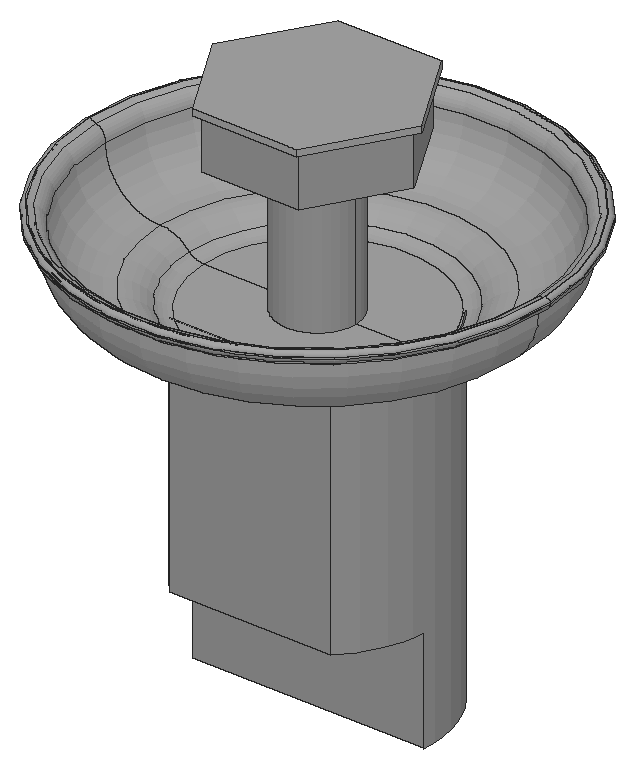
Revit family "Washfountain_Willoughby-3606-WAF", category Plumbing Fixtures, host Face, Revit 2014
Parameters (values of type "Standard")
  Waste DIA = 2"
  Waste Connection = yes
  Vent Connection = no
  URL = "www.willoughby-ind.com"
  Solid Surface Sink = Solid Surface Acrylic Resin-Willoughby
  Revision = "A"
  Model = "WAF-3606"
  Manufacturer = "Willoughby Industries"
  Keynote = ""
  HW Connection = yes
  HCW DIA = 1/2"
  Fixture Body = Stainless Steel AISI 304-Willoughby
  Description = "Six Station round Washfountain"
  Default Elevation = 0' - 0"
  Contact = "800-428-4065"
  CW Connection = yes
Reference planes (in)
  plane 1 "Center (Front/Back)": y = 0
  plane 2: z = 0
  plane 3 "Center (Left/Right)": x = 0
  plane 4: z = 34
  plane 5: z = 42.5
  plane 6: z = 42
  plane 7: z = 38
  plane 8: z = 26.5
  plane 9: x = 18
  plane 10: x = -18
  plane 11: z = 28.5
  plane 12: x = 8.25
  plane 13: x = -8.25
  plane 14: x = 7.25
  plane 15: y = -6.5
  plane 16: y = -5.04234
  plane 17: y = -0.875
Forms (in)
  Revolve 1, solid, material "Solid Surface Acrylic Resin-Willoughby" <- "Solid Surface Sink"
    sketch origin (0, 0, 0) x (1, 0, 0) y (0, 0, 1)
      loop
        line (-18, 33.683) -> (-18, 33.56644)
        arc (-18, 33.56644) -> (-17.91323, 33.3196) -> (-17.6911, 33.18136) r 0.39447
        line (-17.6911, 33.18136) -> (-17.4375, 33.125)
        arc (-17.4375, 33.125) -> (-17.25573, 32.97535) -> (-17.1875, 32.75) r 0.40625
        arc (-17.1875, 32.75) -> (-15.72303, 29.21447) -> (-12.1875, 27.75) r 5
        arc (-12.1875, 27.75) -> (-11.25104, 27.5363) -> (-10.5, 26.9375) r 2.15865
        arc (-10.5, 26.9375) -> (-9.72359, 26.42847) -> (-8.8125, 26.25) r 2.41477
        line (-8.8125, 26.25) -> (0, 26.25) -> (0, 27) -> (-8.8125, 27)
        arc (-8.8125, 27) -> (-9.42263, 27.11584) -> (-9.94786, 27.44722) r 1.66477
        arc (-9.94786, 27.44722) -> (-10.95013, 28.22368) -> (-12.1875, 28.5) r 2.90865
        arc (-12.1875, 28.5) -> (-15.1927, 29.7448) -> (-16.4375, 32.75) r 4.25
        arc (-16.4375, 32.75) -> (-16.63169, 33.39137) -> (-17.14904, 33.81731) r 1.15625
        line (-17.14904, 33.81731) -> (-17.62233, 34.01451) -> (-17.66849, 34.01451)
        arc (-17.66849, 34.01451) -> (-17.9029, 33.91742) -> (-18, 33.683) r 0.33151
      axis (0, 34.01451) -> (0, 26.25)
    angle from 0 to 360
  Revolve 2, solid, material "Stainless Steel AISI 304-Willoughby" <- "Fixture Body"
    sketch origin (0, 0, 0) x (1, 0, 0) y (0, 0, 1)
      loop
        line (0, 26.9375) -> (0, 38) -> (-3, 38) -> (-3, 26.9375) -> (0, 26.9375)
      axis (0, 38) -> (0, 26.9375)
    angle from 0 to 360
  Extrusion 3, solid, material "Stainless Steel AISI 304-Willoughby" <- "Fixture Body"
    sketch origin (65.34541, 0, 42) x (1, 0, 0) y (0, 1, 0)
      loop
        line (-61.59541, 6.5) -> (-69.09541, 6.5) -> (-72.84541, 0) -> (-69.09541, -6.5) -> (-61.59541, -6.5) -> (-57.84541, 0) -> (-61.59541, 6.5)
    from 0 to -4
  Extrusion 4, solid, material "Solid Surface Acrylic Resin-Willoughby" <- "Solid Surface Sink"
    sketch origin (65.34541, 0, 42) x (1, 0, 0) y (0, 1, 0)
      loop
        line (-69.38419, 7) -> (-73.42265, 0) -> (-69.3812, -7) -> (-61.30663, -7) -> (-57.26672, 0.0025) -> (-61.30673, 7) -> (-69.38419, 7)
    from 0 to 0.5
  Extrusion 5, solid, material "Stainless Steel AISI 304-Willoughby" <- "Fixture Body"
    sketch origin (0, 0, 0) x (1, 0, 0) y (0, 1, 0)
      loop
        line (-6.22495, -6.5) -> (6.22495, -6.5)
        arc (6.22495, -6.5) -> (0, 9) -> (-6.22495, -6.5) r 9
    from 0 to 27
  Extrusion 6, void
    sketch origin (0, 0, 0) x (1, 0, 0) y (0, 0, 1)
      loop
        line (-10.25, 0) -> (11.75, 0) -> (11.75, 8) -> (-10.25, 8) -> (-10.25, 0)
    from 0.875 to 6.5
  Extrusion 7, solid, material "Stainless Steel AISI 304-Willoughby" <- "Fixture Body", detail levels medium+fine
    sketch origin (0, 0, 0) x (1, 0, 0) y (0, 1, 0)
      loop
        circle (2, 2) r 0.25
    from 3 to 6
  Extrusion 8, solid, material "Stainless Steel AISI 304-Willoughby" <- "Fixture Body", detail levels medium+fine
    sketch origin (0, 0, 0) x (1, 0, 0) y (0, 1, 0)
      loop
        circle (2, 6) r 0.25
    from 3 to 6
  Extrusion 9, solid, material "Stainless Steel AISI 304-Willoughby" <- "Fixture Body", detail levels medium+fine
    sketch origin (0, 0, 0) x (1, 0, 0) y (0, 1, 0)
      loop
        circle (5, 2) r 1
    from 3 to 6
Cuts and joins
  Extrusion 6 cuts Extrusion 5
Lines and regions (in)
  symbolic lines
    curve 1: circle (0, 0, 0) r 18 normal (0, 0, 1)
    curve 3: circle (0, 0, 0) r 9.94786 normal (0, 0, 1)
    curve 4: line (-8.07724, 0, 0) -> (-4.03878, 7, 0)
    curve 5: line (-4.03878, 7, 0) -> (4.03868, 7, 0)
    curve 6: line (4.03868, 7, 0) -> (8.07868, 0.0025, 0)
    curve 7: line (8.07868, 0.0025, 0) -> (4.03878, -7, 0)
    curve 8: line (4.03878, -7, 0) -> (-4.03579, -7, 0)
    curve 9: line (-4.03579, -7, 0) -> (-8.07724, 0, 0)
    curve 10: line (-9.04264, 0, 0) -> (8.95736, 0, 0)
    curve 11: line (8.95736, 0, 0) -> (8.95736, 0, 26.25)
    curve 12: line (8.95736, 0, 26.25) -> (-9.04264, 0, 26.25)
    curve 13: line (-9.04264, 0, 26.25) -> (-9.04264, 0, 0)
    curve 14: line (8.07868, 0, 42.5) -> (-8.07724, 0, 42.5)
    curve 15: line (-8.07724, 0, 42.5) -> (-8.07724, 0, 42)
    curve 16: line (-8.07724, 0, 42) -> (8.07868, 0, 42)
    curve 17: line (7.5, 0, 42) -> (7.5, 0, 38)
    curve 18: line (7.5, 0, 38) -> (-7.5, 0, 38)
    curve 19: line (-7.5, 0, 38) -> (-7.5, 0, 42)
    curve 20: line (-3, 0, 38) -> (-3, 0, 34)
    curve 21: line (3, 0, 38) -> (3, 0, 34)
    curve 22: line (17.67433, 0, 34.01451) -> (-17.66849, 0, 34.01451)
    curve 23: arc (-17.66849, 0, 34.01451) -> (-17.92636, 0, 33.89427) -> (-18, 0, 33.61943) r 0.33663
    curve 24: arc (-18, 0, 33.61943) -> (-17.97806, 0, 33.43117) -> (-17.87385, 0, 33.27285) r 0.41033
    curve 25: arc (-17.87385, 0, 33.27285) -> (-17.74517, 0, 33.19041) -> (-17.59532, 0, 33.16032) r 0.41362
    curve 26: arc (-17.59532, 0, 33.16032) -> (-17.51668, 0, 33.14146) -> (-17.4375, 0, 33.125) r 2.66966
    curve 27: arc (-17.4375, 0, 33.125) -> (-17.23421, 0, 32.93784) -> (-17.18322, 0, 32.66626) r 0.4385
    curve 28: arc (-17.18322, 0, 32.66626) -> (-15.63891, 0, 29.13199) -> (-12.04022, 0, 27.74442) r 5.00648
    curve 29: arc (-12.04022, 0, 27.74442) -> (-11.18671, 0, 27.50015) -> (-10.5, 0, 26.9375) r 2.19282
    curve 30: arc (-10.5, 0, 26.9375) -> (-9.82814, 0, 26.4733) -> (-9.04264, 0, 26.25) r 2.50368
    curve 31: arc (8.95736, 0, 26.25) -> (9.79067, 0, 26.45465) -> (10.5, 0, 26.9375) r 2.41744
    curve 32: arc (10.5, 0, 26.9375) -> (11.26785, 0, 27.55102) -> (12.23139, 0, 27.74486) r 2.08608
    curve 33: arc (12.23139, 0, 27.74486) -> (15.73139, 0, 29.19461) -> (17.18114, 0, 32.69461) r 4.94975
    curve 34: arc (17.18114, 0, 32.69461) -> (17.25008, 0, 32.94509) -> (17.4375, 0, 33.125) r 0.48946
    curve 35: line (17.4375, 0, 33.125) -> (17.71259, 0, 33.18851)
    curve 36: arc (17.71259, 0, 33.18851) -> (17.93508, 0, 33.33858) -> (18, 0, 33.59897) r 0.37443
    curve 37: arc (18, 0, 33.59897) -> (17.99143, 0, 33.75232) -> (17.92701, 0, 33.89173) r 0.4098
    curve 38: arc (17.92701, 0, 33.89173) -> (17.81625, 0, 33.98519) -> (17.67433, 0, 34.01451) r 0.29453
    curve 39: line (-9.04264, 0, 8) -> (8.95736, 0, 8)
    curve 40: line (8.07868, 0, 42.5) -> (8.07868, 0, 42)
    curve 41: line (0, 7, 42) -> (0, 7, 42.5)
    curve 42: line (0, 7, 42.5) -> (0, -7, 42.5)
    curve 43: line (0, -7, 42.5) -> (0, -7, 42)
    curve 44: line (0, -7, 42) -> (0, -6.5, 42)
    curve 45: line (0, -6.5, 42) -> (0, -6.5, 38)
    curve 46: line (0, -6.5, 38) -> (0, 6.5, 38)
    curve 47: line (0, 6.5, 38) -> (0, 6.5, 42)
    curve 48: line (0, 6.5, 42) -> (0, -6.5, 42)
    curve 49: line (0, -3, 38) -> (0, -3, 34.01451)
    curve 50: line (0, 3, 38) -> (0, 3, 34)
    curve 51: line (0, 17.66849, 34.01451) -> (0, -17.66849, 34.01451)
    curve 52: arc (0, -17.66849, 34.01451) -> (0, -17.92581, 33.89452) -> (0, -17.99929, 33.62028) r 0.33591
    curve 53: arc (0, -17.99929, 33.62028) -> (0, -17.93731, 33.3533) -> (0, -17.71862, 33.18808) r 0.40203
    curve 54: line (0, -17.71862, 33.18808) -> (0, -17.4375, 33.125)
    curve 55: arc (0, -17.4375, 33.125) -> (0, -17.23481, 32.93084) -> (0, -17.18719, 32.65424) r 0.44855
    curve 56: arc (0, -17.18719, 32.65424) -> (0, -15.65505, 29.14933) -> (0, -12.09881, 27.74044) r 5.02154
    curve 57: arc (0, -12.09881, 27.74044) -> (0, -11.20138, 27.53416) -> (0, -10.5, 26.9375) r 1.94108
    curve 58: arc (0, -10.5, 26.9375) -> (0, -9.75438, 26.45468) -> (0, -8.88912, 26.25372) r 2.57687
    curve 59: line (0, -8.88912, 26.25372) -> (0, 9.00309, 26.25372)
    curve 60: arc (0, 9.00309, 26.25372) -> (0, 9.81057, 26.4664) -> (0, 10.5, 26.9375) r 2.45425
    curve 61: arc (0, 10.5, 26.9375) -> (0, 11.23447, 27.53322) -> (0, 12.15608, 27.74523) r 2.09481
    curve 62: arc (0, 12.15608, 27.74523) -> (0, 15.7149, 29.21933) -> (0, 17.189, 32.77815) r 5.03292
    curve 63: arc (0, 17.189, 32.77815) -> (0, 17.25754, 32.99149) -> (0, 17.4375, 33.125) r 0.36632
    curve 64: line (0, 17.4375, 33.125) -> (0, 17.68109, 33.18124)
    curve 65: arc (0, 17.68109, 33.18124) -> (0, 17.92783, 33.34455) -> (0, 18.00691, 33.62968) r 0.42245
    curve 66: arc (0, 18.00691, 33.62968) -> (0, 17.92472, 33.89863) -> (0, 17.66849, 34.01451) r 0.34122
    curve 67: line (0, 9.00309, 26.25372) -> (0, 9.00309, 0)
    curve 68: line (0, 9.00309, 0) -> (0, -0.875, 0)
    curve 69: line (0, -0.875, 0) -> (0, -0.875, 8)
    curve 70: line (0, -0.875, 8) -> (0, -6.5, 8)
    curve 71: line (0, -6.5, 8) -> (0, -6.5, 26.25372)
  symbolic lines, detail levels fine
    curve 2: circle (0, 0, 0) r 16.5 normal (0, 0, 1)
Dimensions and locks (in)
  plane 7 to plane 6 = 0' - 4"
  plane 8 to plane 11 = 0' - 2"  (x2)
  Revolve 1 sketch curve to plane 11 to plane 4 = 0' - 2 1/4", 0' - 5 1/2"
  plane 13 to plane 14 = 1' - 3 1/2"
  aligned and locked: plane 2 to host face
  aligned and locked: level to host face
  aligned and locked: Revolve 2 sketch curve to Revolve 2 sketch curve  (x2)
  aligned and locked: plane 17 to Extrusion 6
  aligned and locked: plane 5 to Extrusion 4
  aligned and locked: Extrusion 4 to plane 6
  aligned and locked: plane 6 to Extrusion 3
  aligned and locked: Extrusion 3 to plane 7
  aligned and locked: curve 39 to cut or joined group of Extrusion 5, Extrusion 6
Connectors (in)
  piping at (2, 6, 3), diameter 0.5, driven by "HCW DIA", driven by "HW Connection"
    settings: on Extrusion 8, index 1, connector inside diameter 24", connector length 0' - 0", flow factor 0, pipe flow 0 GPM, pressure drop 0.00 psi, fitting loss kfactor 0, connector angle 0.00°, fixture units 0, engagement length 0' - 0", angle of deflection 0.00°, flow configuration 0, flow direction 1, fitting loss method 0, system type 19, joint type 0, gender type 0, connector reference index -1, connector utility 1, adjustable connector no, is connector primary yes, connector description "HW Inlet"
  piping at (2, 2, 3), diameter 0.5, driven by "HCW DIA", driven by "CW Connection"
    settings: on Extrusion 7, index 2, connector inside diameter 24", connector length 0' - 0", flow factor 0, pipe flow 0 GPM, pressure drop 0.00 psi, fitting loss kfactor 0, connector angle 0.00°, fixture units 0, engagement length 0' - 0", angle of deflection 0.00°, flow configuration 0, flow direction 1, fitting loss method 0, system type 20, joint type 0, gender type 0, connector reference index -1, connector utility 1, adjustable connector no, is connector primary no, connector description "CW Inlet"
  piping at (5, 2, 3), diameter 2, driven by "Waste DIA", driven by "Waste Connection"
    settings: on Extrusion 9, index 3, connector inside diameter 24", connector length 0' - 0", flow factor 0, pipe flow 0 GPM, pressure drop 0.00 psi, fitting loss kfactor 0, connector angle 0.00°, fixture units 0, engagement length 0' - 0", angle of deflection 0.00°, flow configuration 0, flow direction 2, fitting loss method 0, system type 16, joint type 0, gender type 0, connector reference index -1, connector utility 1, adjustable connector no, is connector primary no, connector description "Sink Waste"
